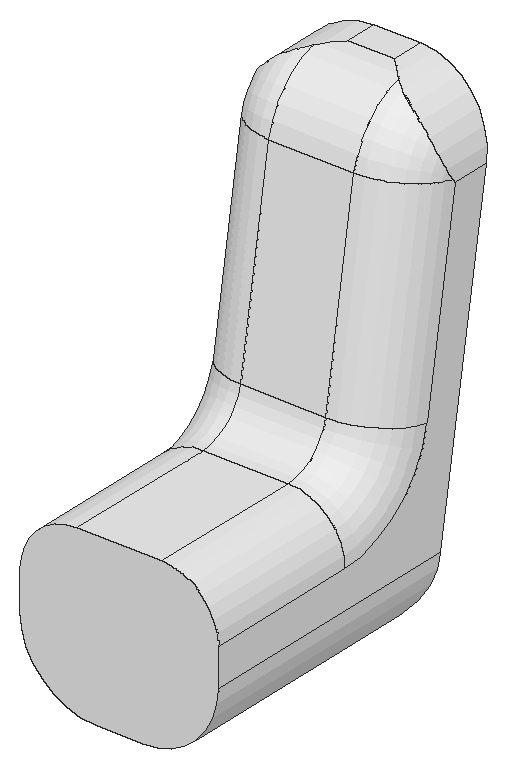
Revit family "LQ6100001_Percha", category Furniture, host Wall, Revit 2019
Family settings
  Host = Wall
  OmniClass Number = 23.31.25.19
  OmniClass Title = Restroom Paper Towel Accessories
  Always vertical = Yes
  Cut with Voids When Loaded = No
  Shared = No
  Room Calculation Point = No
Parameters (values of type "Type 1")
  Uso = "Residencial"  # constant formula
  URL = "https://corona.co/productos/accesorios/accesorios-individuales/percha-liquid/p/LQ6100001"
  Tecnologías = "DuraCrome"  # constant formula
  Resistencia = "Resistente a la corrosión\r\npelado y decoloración por agua\r\nResistencia al peso general hasta 9 kg\r\nResistencia al peso del toallero barra hasta 23 kg"  # constant formula
  Referencia = "LQ6030001"  # constant formula
  Profundidad = 36.8 mm  # constant formula
  Número de piezas = "6"  # constant formula
  Material = Corona_Niquel
  Manufacturer = "Corona"  # constant formula
  Línea = "Liquid"  # constant formula
  Garantía Acabados = "5 años en acabados"  # constant formula
  Garantía = "30 años en estructura"  # constant formula
  Fecha de creación = "9/10/2020"  # constant formula
  Description = "La percha Liquid, galardonada con el premio de diseño internacional Red Dot Design Award, es la mejor forma de modernizar tu baño y darle un toque único, mientras te proporciona seguridad y funcionalidad con una resistencia de hasta 9 kilos de carga. ¡Adquiérela ahora!"  # constant formula
  Creado por = "IDD"  # constant formula
  Componentes = "Percha - Toallero - Jabonera - Barra - Cepillera - Portarrollo"  # constant formula
  Colección = "Liquid"  # constant formula
  Ancho = 21 mm  # constant formula
  Altura = 900 mm
  Alto = 50.3 mm  # constant formula
Reference planes
  plane 1 "Wall": y = 0
  plane 2 "Center (Left/Right)": x = 125
  plane 3 "Back": y = 75
  plane 4: z = 900
  plane 5: x = 135.5
  plane 6: x = 114.5
  plane 7: z = 925.15
  plane 8: z = 874.85
  plane 9: y = 111.8
Forms (mm)
  Extrusion 1, solid, material "Corona_Niquel" <- "Material", detail levels coarse
    sketch origin (125, 0, 0) x (0, 1, 0) y (0, 0, 1)
      loop
        line (111.8, 874.85) -> (111.8, 925.15) -> (75, 925.15) -> (75, 874.85) -> (111.8, 874.85)
    from -10.5 to 10.5
Text (mm)
  text "Placement Side" at (-1848.837, 1116.779, 0), in view "Ref. Level"
  text "Placement side" at (0, 1409.804, 2854.306), in view "Left"
  text "Placement side" at (0, 499.811, 2980.732), in view "Right"
Dimensions and locks
  locked: plane 3 "Back" to host wall
  equal spacing: plane 8, plane 4, plane 7
  "Alto": plane 8 to plane 7
  equal spacing: plane 6, plane 2 "Center (Left/Right)", plane 5
  "Ancho": plane 6 to plane 5
  "Profundidad": plane 9 to host wall
  plane 4 to plane 8 = 25.15 mm
  "Altura": plane 4 to level
  aligned and locked: plane 1 "Wall" to host wall
  aligned and locked: nested 1 to plane 7
  aligned and locked: nested 3 to plane 7
  aligned and locked: nested 3 to plane 5
  aligned and locked: nested 4 to plane 9
  aligned and locked: nested 4 to plane 5
  aligned and locked: plane 7 to nested 2
  aligned and locked: host wall to nested 2
Automatic sketch dimensions
  Extrusion 1 sketch curve to host wall = 0 mm
  Extrusion 1 sketch curve to plane 7 = 0 mm
  Extrusion 1 sketch curve to plane 9 = 0 mm
  Extrusion 1 sketch curve to plane 8 = 0 mm
Nested families
  nested 1: "Lateral" at (125, 75, 874.85) x (0, -1, 0) z (1, 0, 0), type "Lateral"
  nested 2: "Percha" at (114.5, 93.4, 874.85), type "Percha"
  nested 3: "Frontal" at (135.5, 0, 874.85) x (-1, 0, 0) z (0, -1, 0), type "Frontal"
  nested 4: "Planta" at (114.5, 75, 0), type "Planta"
Definition of nested family "Percha"
  Parameters (values of type "Percha")
    Profundidad = 36.8 mm
    Material = none
    Ancho = 21 mm
    Alto = 50.3 mm
  Reference planes
    plane 1 "Center (Front/Back)": y = 0
    plane 2: z = 0
    plane 3 "Center (Left/Right)": x = 0
    plane 4: x = 21
    plane 5: y = 18.4
    plane 6: y = -18.4
    plane 7: z = 50.3
  Forms (mm)
    Extrusion 1, solid, material <- "Material", detail levels coarse
      sketch origin (0, 0, 0) x (1, 0, 0) y (0, 1, 0)
        loop
          line (0, 18.4) -> (0, -18.4) -> (21, -18.4) -> (21, 18.4) -> (0, 18.4)
      from 0 to 50.3
    Extrusion 2, solid, material <- "Material", detail levels medium+fine
      sketch origin (0, 0, 0) x (1, 0, 0) y (0, 0, 1)
        loop
          arc (8, 50.3) -> (2.343, 47.957) -> (0, 42.3) r 8
          line (0, 42.3) -> (0, 8)
          arc (0, 8) -> (2.343, 2.343) -> (8, 0) r 8
          line (8, 0) -> (13, 0)
          arc (13, 0) -> (18.657, 2.343) -> (21, 8) r 8
          line (21, 8) -> (21, 42.3)
          arc (21, 42.3) -> (18.657, 47.957) -> (13, 50.3) r 8
          line (13, 50.3) -> (8, 50.3)
      from -18.4 to 18.4
    Extrusion 3, void, detail levels medium+fine
      sketch origin (0, 0, 0) x (0, 1, 0) y (0, 0, 1)
        loop
          line (18.4, 50.3) -> (10.551, 5.784)
          arc (10.551, 5.784) -> (8.157, 1.638) -> (3.657, 0) r 7
          line (3.657, 0) -> (18.4, 0) -> (18.4, 50.3)
      from 0 to 250
    Sweep 4, void
      path origin (0, 0, 0) x (0, 1, 0) y (0, 0, 1)
        loop
          line (-18.4, 18) -> (-1.645, 18)
          arc (-1.645, 18) -> (1.569, 19.17) -> (3.279, 22.132) r 5
          line (3.279, 22.132) -> (7.08, 43.689)
          arc (7.08, 43.689) -> (9.816, 48.428) -> (14.959, 50.3) r 8
          line (14.959, 50.3) -> (18.4, 50.3)
      profile origin (0, -10.023, 18) x (0, 0, 1) y (1, 0, 0)
        loop
          arc (0, 6) -> (-1.757, 1.757) -> (-6, 0) r 6
          line (-6, 0) -> (2.9, 0) -> (2.9, 21) -> (-6, 21)
          arc (-6, 21) -> (-1.757, 19.243) -> (0, 15) r 6
          line (0, 15) -> (0, 6)
    Extrusion 5, void
      sketch origin (0, 0, 0) x (0, 1, 0) y (0, 0, 1)
        loop
          arc (4.225, 44.193) -> (5.39, 47.519) -> (7.556, 50.3) r 10.9
          line (7.556, 50.3) -> (-18.4, 50.3) -> (-18.4, 20.9) -> (-1.645, 20.9)
          arc (-1.645, 20.9) -> (-0.295, 21.391) -> (0.423, 22.635) r 2.1
          line (0.423, 22.635) -> (4.225, 44.193)
      from 0 to 250
  Cuts and joins
    Extrusion 3, Sweep 4, Extrusion 5 cuts Extrusion 2
  Dimensions and locks
    equal spacing: plane 5, plane 1 "Center (Front/Back)", plane 6
    "Profundidad": plane 5 to plane 6
    "Ancho": plane 3 "Center (Left/Right)" to plane 4
    "Alto": plane 7 to level
    aligned and locked: level to plane 2
    aligned and locked: Extrusion 1 sketch curve to plane 5
    aligned and locked: plane 4 to Extrusion 1 sketch curve
    aligned and locked: plane 6 to Extrusion 1 sketch curve
    aligned and locked: plane 7 to Extrusion 1
    aligned and locked: plane 5 to Extrusion 2
    aligned and locked: Extrusion 2 to plane 6
  Automatic sketch dimensions
    Extrusion 1 sketch curve to plane 3 "Center (Left/Right)" = 0 mm
    Extrusion 2 sketch curve to plane 3 "Center (Left/Right)" = 0 mm
    Extrusion 2 sketch curve to level = 0 mm
    Extrusion 2 sketch curve to plane 7 = 0 mm
    plane 4 to Extrusion 2 sketch curve = 0 mm
    plane 3 "Center (Left/Right)" to Extrusion 2 sketch curve = 8 mm  (x2)
    Extrusion 2 sketch curve to Extrusion 2 sketch curve = 5 mm  (x2)
    Extrusion 3 sketch curve to level = 0 mm
    Extrusion 3 sketch curve to plane 5 = 0 mm
    Extrusion 3 sketch curve to plane 7 = 0 mm
    Extrusion 3 sketch curve to plane 1 "Center (Front/Back)" = 3.657 mm
    level to Extrusion 3 sketch curve = 5.784 mm
    Extrusion 3 sketch curve to Extrusion 3 sketch curve = 6.894 mm
    Sweep 4 sketch curve to plane 6 = 0 mm
    Sweep 4 sketch curve to plane 7 = 0 mm
    Sweep 4 sketch curve to plane 5 = 0 mm
    plane 1 "Center (Front/Back)" to Sweep 4 sketch curve = 1.645 mm
    Sweep 4 sketch curve to plane 1 "Center (Front/Back)" = 3.279 mm
    Sweep 4 sketch curve to plane 1 "Center (Front/Back)" = 7.08 mm
    Sweep 4 sketch curve to plane 5 = 3.441 mm
    Sweep 4 sketch curve to plane 7 = 6.611 mm
    level to Sweep 4 sketch curve = 23 mm
    Sweep 4 sketch curve to Sweep 4 sketch curve = 0.868 mm
    Sweep 4 sketch curve to plane 3 "Center (Left/Right)" = 0 mm
    Sweep 4 sketch curve to profile plane = 0 mm
    plane 3 "Center (Left/Right)" to Sweep 4 sketch curve = 6 mm
    profile plane to Sweep 4 sketch curve = 6 mm
    Sweep 4 sketch curve to profile plane = 2.9 mm
    Sweep 4 sketch curve to Sweep 4 sketch curve = 9 mm
    Extrusion 5 sketch curve to plane 7 = 0 mm
    Extrusion 5 sketch curve to plane 1 "Center (Front/Back)" = 4.225 mm
    Extrusion 5 sketch curve to plane 5 = 3.441 mm
    Extrusion 5 sketch curve to plane 7 = 6.107 mm
    Extrusion 5 sketch curve to plane 7 = 8 mm
    Extrusion 5 sketch curve to plane 1 "Center (Front/Back)" = 0.423 mm
    plane 1 "Center (Front/Back)" to Extrusion 5 sketch curve = 1.645 mm
    Extrusion 5 sketch curve to Extrusion 5 sketch curve = 0.365 mm
    Extrusion 5 sketch curve to plane 6 = 0 mm
    level to Extrusion 5 sketch curve = 20.9 mm
Definition of nested family "Lateral"
  Reference planes
    plane 1 "Center (Front/Back)": y = 0
    plane 2: z = 0
    plane 3 "Center (Left/Right)": x = 0
    plane 4: y = 50.3
    plane 5: x = -36.8
  Lines and regions (mm)
    detail lines, in view "Ref. Level"
      curve 1: line (-36.739, 45.258, 0) -> (-29.633, 4.958, 0)
      curve 2: line (-23.724, 0, 0) -> (0, 0, 0)
      curve 3: line (0, 0, 0) -> (0, 25, 0)
      curve 4: line (0, 25, 0) -> (-20.496, 25, 0)
      curve 5: line (-23.45, 27.479, 0) -> (-26.891, 46.995, 0)
      curve 6: line (-31.525, 50.239, 0) -> (-33.495, 49.892, 0)
      curve 7: arc (-33.495, 49.892, 0) -> (-36.077, 48.247, 0) -> (-36.739, 45.258, 0) r 4
      curve 8: arc (-26.891, 46.995, 0) -> (-28.536, 49.577, 0) -> (-31.525, 50.239, 0) r 4
      curve 9: arc (-23.724, 0, 0) -> (-27.581, 1.404, 0) -> (-29.633, 4.958, 0) r 6
      curve 10: arc (-20.496, 25, 0) -> (-22.424, 25.702, 0) -> (-23.45, 27.479, 0) r 3
Definition of nested family "Frontal"
  Reference planes
    plane 1 "Center (Front/Back)": y = 0
    plane 2: z = 0
    plane 3 "Center (Left/Right)": x = 0
    plane 4: x = 21
    plane 5: y = 50.3
  Lines and regions (mm)
    detail lines, in view "Ref. Level"
      curve 1: line (13, 0, 0) -> (8, 0, 0)
      curve 2: line (21, 42.3, 0) -> (21, 8, 0)
      curve 3: line (8, 50.3, 0) -> (13, 50.3, 0)
      curve 4: line (0, 8, 0) -> (0, 42.3, 0)
      curve 5: arc (0, 42.3, 0) -> (2.343, 47.957, 0) -> (8, 50.3, 0) r 8
      curve 6: arc (13, 50.3, 0) -> (18.657, 47.957, 0) -> (21, 42.3, 0) r 8
      curve 7: arc (8, 0, 0) -> (2.343, 2.343, 0) -> (0, 8, 0) r 8
      curve 8: arc (21, 8, 0) -> (18.657, 2.343, 0) -> (13, 0, 0) r 8
Definition of nested family "Planta"
  Reference planes
    plane 1 "Center (Front/Back)": y = 0
    plane 2: z = 0
    plane 3 "Center (Left/Right)": x = 0
    plane 4: x = 21
    plane 5: y = 36.8
  Lines and regions (mm)
    detail lines, in view "Ref. Level"
      curve 1: line (21, 0, 0) -> (0, 0, 0)
      curve 2: line (21, 31.8, 0) -> (21, 0, 0)
      curve 3: line (5, 36.8, 0) -> (16, 36.8, 0)
      curve 4: line (0, 0, 0) -> (0, 31.8, 0)
      curve 5: arc (0, 31.8, 0) -> (1.464, 35.336, 0) -> (5, 36.8, 0) r 5
      curve 6: arc (16, 36.8, 0) -> (19.536, 35.336, 0) -> (21, 31.8, 0) r 5
      curve 7: line (3.763, 26.956, 0) -> (17.237, 26.956, 0)
